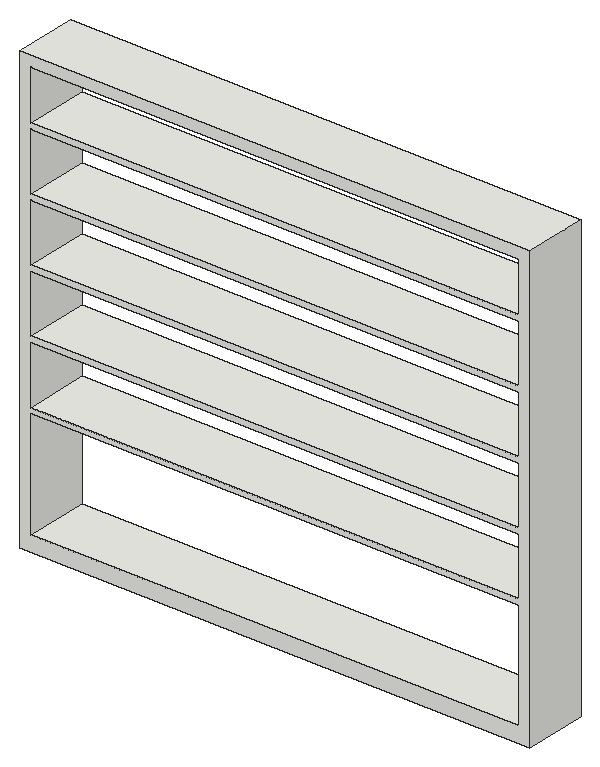
Revit family "M_Prateleira", category Mobiliário, Revit 2019
Family settings
  Número OmniClass = 23.40.20.27.11
  Título OmniClass = Shelves
  ID de item do Seek = Shelving-0000-CAN-ENU
  Com base no plano de trabalho = Não
  Sempre na vertical = Sim
  Corte com vazios quando carregada = Não
  Compartilhado = Não
  Ponto de cálculo do ambiente = Não
Parameters (values of type "2440 x 0305 x 2134mm")
  Linear = 305.00 mm
  Altura = 2134.00 mm
  Material = Laminado - Marfim, Fosco
  Largura = 2440.00 mm
Types (3, lengths in mm): name | Linear | Altura | Material | Largura
  (no name) | 305.00 | 2134.00 | Laminado - Marfim, Fosco | 2440.00
  0915 x 0254 x 1830mm | 254.00 | 1830.00 | Bétula | 915.00
  2440 x 0305 x 2134mm | 305.00 | 2134.00 | Laminado - Marfim, Fosco | 2440.00
Reference planes
  plane 1: y = -304.8
  plane 2: z = 0
  plane 3: x = 0
  plane 4 "Parte posterior": y = -152.3
  plane 5 "Parte frontal": y = -457.3
  plane 6 "Direita": x = 1220
  plane 7 "Esquerda": x = -1220
  plane 8: z = 2134
  plane 9: x = -1169.2
  plane 10: x = 1169.2
  plane 11: x = -1220
  plane 12: x = 1220
  plane 13: z = 1524.286
  plane 14: z = 914.571
  plane 15: z = 304.857
  plane 16: z = 1829.143
  plane 17: z = 1219.429
  plane 18: z = 609.714
Forms (mm)
  Extrusion 1, solid, material "Laminado - Marfim, Fosco" <- "Material"
    sketch origin (0, 0, 0) x (1, 0, 0) y (0, 0, 1)
      loop
        line (-1220, 0) -> (1220, 0) -> (1220, 2134) -> (-1220, 2134) -> (-1220, 0)
      loop
        line (-1169.2, 2083.2) -> (-1169.2, 1841.843) -> (1169.2, 1841.843) -> (1169.2, 2083.2) -> (-1169.2, 2083.2)
      loop
        line (-1169.2, 76.2) -> (1169.2, 76.2) -> (1169.2, 597.014) -> (-1169.2, 597.014) -> (-1169.2, 76.2)
      loop
        line (1169.2, 1232.129) -> (1169.2, 1511.586) -> (-1169.2, 1511.586) -> (-1169.2, 1232.129) -> (1169.2, 1232.129)
      loop
        line (-1169.2, 1816.443) -> (-1169.2, 1536.986) -> (1169.2, 1536.986) -> (1169.2, 1816.443) -> (-1169.2, 1816.443)
      loop
        line (-1169.2, 1206.729) -> (-1169.2, 927.271) -> (1169.2, 927.271) -> (1169.2, 1206.729) -> (-1169.2, 1206.729)
      loop
        line (-1169.2, 901.871) -> (-1169.2, 622.414) -> (1169.2, 622.414) -> (1169.2, 901.871) -> (-1169.2, 901.871)
    from 152.3 to 457.3
Lines and regions (mm)
  Masking region 1
    outline origin (0, 0, 0) x (1, 0, 0) y (0, 1, 0)
      loop
        line (-1220, -152.3) -> (-1220, -457.3) -> (1220, -457.3) -> (1220, -152.3) -> (-1220, -152.3)
Dimensions and locks
  locked: plane 11 to plane 9 at 50.8
  plane 8 to Extrusion 1 sketch curve = 50.80 mm
  Extrusion 1 sketch curve to plane 2 = 76.20 mm
  "Largura": plane 7 "Esquerda" to plane 6 "Direita"
  equal spacing: plane 7 "Esquerda", plane 3, plane 6 "Direita"
  equal spacing: plane 4 "Parte posterior", plane 1, plane 5 "Parte frontal"
  "Linear": plane 4 "Parte posterior" to plane 5 "Parte frontal"
  "Altura": plane 8 to plane 2
  equal spacing: plane 8, plane 16, plane 13, plane 17, plane 14, plane 18, plane 15, plane 2
  locked: Extrusion 1 sketch curve to plane 16 at 12.7
  locked: plane 16 to Extrusion 1 sketch curve at 12.7
  locked: Extrusion 1 sketch curve to plane 13 at 12.7
  locked: plane 13 to Extrusion 1 sketch curve at 12.7
  locked: Extrusion 1 sketch curve to plane 17 at 12.7
  locked: plane 17 to Extrusion 1 sketch curve at 12.7
  locked: Extrusion 1 sketch curve to plane 14 at 12.7
  locked: plane 14 to Extrusion 1 sketch curve at 12.7
  locked: Extrusion 1 sketch curve to plane 18 at 12.7
  locked: plane 18 to Extrusion 1 sketch curve at 12.7
  locked: plane 10 to plane 12 at 50.8
  aligned and locked: Extrusion 1 to plane 5 "Parte frontal"
  aligned and locked: Extrusion 1 sketch curve to plane 11
  aligned and locked: Extrusion 1 sketch curve to plane 12
  aligned and locked: plane 11 to plane 7 "Esquerda"
  aligned and locked: plane 12 to plane 6 "Direita"
  aligned and locked: plane 4 "Parte posterior" to Extrusion 1
  aligned and locked: plane 10 to Extrusion 1 sketch curve  (x4)
  aligned and locked: Extrusion 1 sketch curve to Extrusion 1 sketch curve
  aligned and locked: Masking region 1 sketch curve to plane 4 "Parte posterior"
  aligned and locked: plane 7 "Esquerda" to Masking region 1 sketch curve
  aligned and locked: plane 5 "Parte frontal" to Masking region 1 sketch curve
  aligned and locked: Masking region 1 sketch curve to plane 6 "Direita"
Automatic sketch dimensions
  Extrusion 1 sketch curve to plane 9 = 0.00 mm  (x5)
  Extrusion 1 sketch curve to plane 10 = 0.00 mm  (x2)
  Extrusion 1 sketch curve to level = 0.00 mm
  Extrusion 1 sketch curve to plane 8 = 0.00 mm
